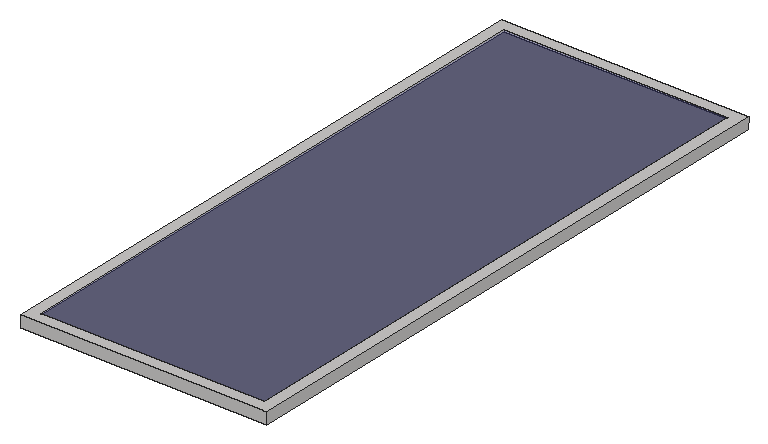
Revit family "rba-bim-b2908-1639", category Plumbing Fixtures, Revit 2015
Parameters (values of type "b1658-1639")
  URL = "http://www.rba.com.au/catalogue/category/washroom-accessories/"
  Specifier = "RBA Group"
  Phone Number = "1300 788 778"
  Modfied Issue = 20160523.01
  Mirror Background = Paint - Bobrick - Black
  Glass Material = Glass Mirror - Bobrick
  Frame Material = Stainless Steel - Bobrick - Satin
  Model = "B2908 1639"
  Manufacturer = "Bobrick"
  Description = "Tempered Glass Mirror with Stainless Steel Angle Frame"
  Copyrighted By = "RBA Group"  # constant formula
Reference planes
  plane 1 "Center (Front/Back)": y = 0
  plane 2: z = 0
  plane 3 "Center (Left/Right)": x = 0
  plane 4: x = 404.001
  plane 5: y = 825.409
  plane 6: y = 939.409
  plane 7: y = 24.409
  plane 8: y = -51.591
Forms (mm)
  Extrusion 1, solid, material "Paint - Bobrick - Black" <- "Mirror Background"
    sketch origin (-1, 89, 11) x (0, 1, 0) y (-1, 0, 0)
      loop
        line (831.409, -20.001) -> (-121.591, -20.001) -> (-121.591, -388.001) -> (831.409, -388.001) -> (831.409, -20.001)
    from 0 to 6
  Sweep 2, solid, material "Stainless Steel - Bobrick - Satin" <- "Frame Material"
    path origin (1.317, 89.409, 15) x (0, 1, 0) y (-1, 0, 0)
      loop
        line (850, 1) -> (-141, 1) -> (-141, -405) -> (850, -405) -> (850, 1)
    profile origin (203.317, 939.409, 15) x (0, 1, 0) y (0, 0, 1)
      loop
        line (-19, 2) -> (-2, 2) -> (-2, -15) -> (0, -15) -> (0, 4) -> (-19, 4) -> (-19, 2)
  Extrusion 3, solid
    sketch origin (-978.441, 222.121, 9) x (0, 1, 0) y (-1, 0, 0)
      loop
        line (638.383, -1037.292) -> (588.383, -1037.292) -> (588.383, -1155.113) -> (-162.617, -1155.113) -> (-162.617, -1037.292) -> (-212.617, -1037.292) -> (-212.617, -1327.292) -> (-162.617, -1327.292) -> (-162.617, -1209.47) -> (588.383, -1209.47) -> (588.383, -1327.292) -> (638.383, -1327.292) -> (638.383, -1037.292)
    from 0 to 2
  Extrusion 4, void
    sketch origin (10.85, 84.561, -269.125) x (0, 1, 0) y (-1, 0, 0)
      loop
        circle (-60.057, -78) r 3
    from 278.125 to 280.125
  Extrusion 5, void
    sketch origin (240.85, 84.561, -266) x (0, 1, 0) y (-1, 0, 0)
      loop
        circle (-60.057, -78) r 3
    from 275 to 278
  Extrusion 6, void
    sketch origin (10.85, 885.561, -266) x (0, 1, 0) y (-1, 0, 0)
      loop
        circle (-60.057, -78) r 3
    from 275 to 278
  Extrusion 7, void
    sketch origin (240.85, 885.561, -266) x (0, 1, 0) y (-1, 0, 0)
      loop
        circle (-60.057, -78) r 3
    from 275 to 278
  Extrusion 8, void
    sketch origin (12.271, 88.504, -266.063) x (0, 1, 0) y (-1, 0, 0)
      loop
        line (772, -66.579) -> (752, -66.579) -> (752, -72.018) -> (758.219, -72.018) -> (758.219, -82.018) -> (752, -82.018) -> (752, -86.579) -> (772, -86.579) -> (772, -66.579)
    from 275.063 to 277.063
  Extrusion 9, void
    sketch origin (242.271, 88.504, -259.188) x (0, 1, 0) y (-1, 0, 0)
      loop
        line (772, -66.579) -> (752, -66.579) -> (752, -72.018) -> (758.219, -72.018) -> (758.219, -82.018) -> (752, -82.018) -> (752, -86.579) -> (772, -86.579) -> (772, -66.579)
    from 264.875 to 270.188
  Extrusion 10, void
    sketch origin (166.306, -712.496, -260.016) x (1, 0, 0) y (0, 1, 0)
      loop
        line (-66.579, 772) -> (-86.579, 772) -> (-86.579, 752) -> (-82.018, 752) -> (-82.018, 758.219) -> (-72.018, 758.219) -> (-72.018, 752) -> (-66.579, 752) -> (-66.579, 772)
    from 269.016 to 271.016
  Extrusion 11, void
    sketch origin (242.271, -712.496, -249) x (0, 1, 0) y (-1, 0, 0)
      loop
        line (772, -66.579) -> (752, -66.579) -> (752, -72.018) -> (758.219, -72.018) -> (758.219, -82.018) -> (752, -82.018) -> (752, -86.579) -> (772, -86.579) -> (772, -66.579)
    from 258 to 260
  Extrusion 12, solid
    sketch origin (115.851, -871.65, 6) x (0, 1, 0) y (-1, 0, 0)
      loop
        line (887, -93) -> (887, -83) -> (867, -78) -> (867, -98) -> (887, -93)
    from 0 to 5
  Extrusion 13, solid
    sketch origin (177.727, -827.496, 3) x (1, 0, 0) y (0, 1, 0)
      loop
        line (-98, 887) -> (-98, 867) -> (-93.438, 867) -> (-93.438, 873.219) -> (-83.438, 873.219) -> (-83.438, 867) -> (-78, 867) -> (-78, 887) -> (-98, 887)
    from 3 to 8
  Extrusion 14, void
    sketch origin (99.727, 59.504, 11) x (0, 1, 0) y (0, 0, -1)
      loop
        line (-20, 5) -> (-20, 0) -> (-2.739, 0) -> (-20, 5)
    from -0.17 to 20.214
  Extrusion 15, solid
    sketch origin (230.851, -827.496, 6) x (0, 1, 0) y (-1, 0, 0)
      loop
        line (887, -98) -> (887, -78) -> (867, -78) -> (867, -83.438) -> (873.219, -83.438) -> (873.219, -93.438) -> (867, -93.438) -> (867, -98) -> (887, -98)
    from 0 to 5
  Extrusion 16, solid
    sketch origin (230.614, -26.281, 6) x (0, 1, 0) y (-1, 0, 0)
      loop
        line (887, -98) -> (887, -78) -> (867, -78) -> (867, -83.438) -> (873.219, -83.438) -> (873.219, -93.438) -> (867, -93.438) -> (867, -98) -> (887, -98)
    from 0 to 5
  Extrusion 17, solid
    sketch origin (0.926, -26.281, 6) x (0, 1, 0) y (-1, 0, 0)
      loop
        line (887, -98) -> (887, -78) -> (867, -78) -> (867, -83.438) -> (873.219, -83.438) -> (873.219, -93.438) -> (867, -93.438) -> (867, -98) -> (887, -98)
    from 0 to 5
  Extrusion 18, void
    sketch origin (198.851, 14.734, 11) x (0, 1, 0) y (0, 0, 1)
      loop
        line (0.616, -5) -> (0.616, 0) -> (-9.692, 0) -> (0.616, -5)
    from -2.951 to 12.669
  Extrusion 19, void
    sketch origin (308.85, 59.504, 11) x (0, 1, 0) y (0, 0, 1)
      loop
        line (-20, -5) -> (-2.739, 0) -> (-20, 0) -> (-20, -5)
    from -0.17 to 20.214
  Extrusion 20, void
    sketch origin (308.614, 860.719, 11) x (0, 1, 0) y (0, 0, 1)
      loop
        line (-20, -5) -> (-2.739, 0) -> (-20, 0) -> (-20, -5)
    from -7.593 to 20
  Extrusion 21, void
    sketch origin (78.926, 845.719, 11) x (0, 1, 0) y (0, 0, 1)
      loop
        line (-20, -5) -> (-2.739, 0) -> (-20, 0) -> (-20, -5)
    from -2.399 to 20
  Extrusion 22, solid, material "Glass Mirror - Bobrick" <- "Glass Material"
    sketch origin (-0.999, 87.188, 11) x (0, 1, 0) y (-1, 0, 0)
      loop
        line (833.221, -20) -> (-119.779, -20) -> (-119.779, -388) -> (833.221, -388) -> (833.221, -20)
    from 6 to 8
Cuts and joins
  Extrusion 4 cuts Extrusion 1
  Extrusion 4, Extrusion 5, Extrusion 6, Extrusion 7, Extrusion 8, Extrusion 9, Extrusion 10, Extrusion 11 cuts Extrusion 3
  Extrusion 21 cuts Extrusion 17
  Extrusion 10, Extrusion 14 cuts Extrusion 13
  Extrusion 11, Extrusion 19 cuts Extrusion 15
  Extrusion 18 cuts Extrusion 12
  Extrusion 20 cuts Extrusion 16
Dimensions and locks
  Sweep 2 to Sweep 2 = 406.000 mm
  Sweep 2 to Sweep 2 = 991.000 mm
  Sweep 2 sketch curve to Sweep 2 sketch curve = 19.000 mm  (x2)
  Sweep 2 sketch curve to Extrusion 1 = 972.000 mm
  Sweep 2 sketch curve to Sweep 2 sketch curve = 991.000 mm
  Extrusion 3 to Extrusion 4 sketch curve = 30.000 mm
  Extrusion 12 sketch curve to Extrusion 12 sketch curve = 10.000 mm
